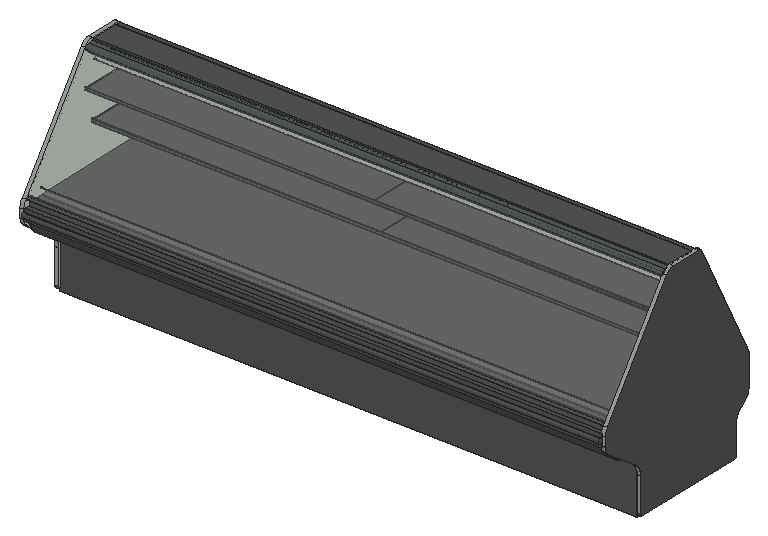
Revit family "ESBDS_2014", category Specialty Equipment, Revit 2014
Parameters (values of type "12'-0" Length")
  Width = 144 1/2"
  Waste Drain = 1 1/2"  # constant formula
  URL = "www.hussmann.com"
  Type Comments = "Elite"  # constant formula
  Trim = Stainless Steel
  Total Weight = Case Weight + (2 * End Weight)  # 1400.00 lbf
  Splashguard = Textured Sheet Metal (Steel Painted) - 701 Black
  Side Panel - Right [instance] = yes
  Side Panel - Left [instance] = yes
  Shelves = Sheet Metal (Steel Painted) - 701 Black
  Shelf Lights [instance] = yes
  Shelf [instance] = yes
  Revit Family Date = "05/26/2016"  # constant formula
  Refrigeration Lines Suction = 7/8"  # constant formula
  Refrigeration Lines Liquid = 3/8"  # constant formula
  Refrig. Suction = "Suction"
  Refrig. Liquid = "Liquid"
  Number of Supports = if(Width < 50", 2, if(Width < 100", 3, 4))  # 4
  Number of Shelf Supports = if(Width < 96", 2, 3)  # 3
  Note from Manufacturer = "This model only comes 4'-0\", 6'-0\", 8'-0\", and 12'-0\" lengths."
  Model URL = "http://www.hussmann.com/en/product%20viewer/display-cases/ESBDS"
  Model = "ESBDS"  # constant formula
  Manufacturer Disclaimer = "The information in this file is not intended to be an exact representation of the corresponding Hussmann product.  Further, we reserve the right to change or revise specifications and product design in connection with any feature of our products. Such changes do not entitle the buyer to corresponding changes, improvements, additions, or replacements for equipment previously sold or shipped."  # constant formula
  Manufacturer = "Hussmann Corporation"  # constant formula
  Location of Drain = if(Width < 144", 24 1/8", 72 1/4")  # 72 1/4"
  Light [instance] = yes
  Height = 52 1/8"  # constant formula
  Glazing = Glass
  Ends = Textured Sheet Metal (Steel Painted) - 701 Black
  End Weight = 100.00 lbf  # constant formula
  Door Frame = Plastic - 701 Black
  Description = "Elite Straight Glass, Blower Coil Service Case Merchandiser"  # constant formula
  Depth = 45 1/4"  # constant formula
  Cutsheet URL = "http://www.hussmann.com/en/Technical%20Documents/0522306_B_ESBDS.pdf"
  Case Weight = if(Width = 48 1/4", 600.00 lbf, if(Width = 72 3/8", 700.00 lbf, if(Width = 96 3/8", 1100.00 lbf, if(Width = 144 1/2", 1200.00 lbf, 0.00 lbf))))  # 1200.00 lbf
  Case Interior - Side Panel = Mirror
  Case Interior - Back Panel = Stainless Steel
  Case = Textured Sheet Metal (Steel Painted) - 701 Black
  Bumper = Extruded PVC - 701 Black
  Assembly Code = ""
  Accessories/Options = ""
  8 Case = Width = 96 3/8"  # no
  6 Case = Width = 72 3/8"  # no
  4 Case = Width = 48 1/4"  # no
  12 Case = Width = 144 1/2"  # yes
Reference planes (in)
  plane 1 "Back": y = 0
  plane 2 "Bottom": z = 0
  plane 3 "Left": x = -77.30699
  plane 4 "Center (Left/Right)": x = -5.05699
  plane 5: x = -78.30699
  plane 6 "Right": x = 67.19301
  plane 7: x = 68.19301
  plane 8: z = 52.125
  plane 9: y = -45.25
Forms (in)
  Extrusion 1, solid, material "Metal - Copper"
    sketch origin (63.0625, 1.04319, 0) x (1, 0, 0) y (0, 1, 0)
      loop
        arc (-68.11949, -26.54319) -> (-68.64982, -26.76286) -> (-68.86949, -27.29319) r 0.75
        arc (-68.86949, -27.29319) -> (-68.64982, -27.82352) -> (-68.11949, -28.04319) r 0.75
        arc (-68.11949, -28.04319) -> (-67.58916, -27.82352) -> (-67.36949, -27.29319) r 0.75
        arc (-67.36949, -27.29319) -> (-67.58916, -26.76286) -> (-68.11949, -26.54319) r 0.75
      loop
        circle (-68.11949, -27.29319) r 0.7102
    from 15.4495 to 14.2
  Extrusion 2, solid, material "Metal - Copper"
    sketch origin (57.40105, 5, -0.375) x (1, 0, 0) y (0, 1, 0)
      loop
        circle (1.10446, -34.375) r 0.41359
      loop
        circle (1.10446, -34.375) r 0.4375
    from 15.8245 to 0.375
  Extrusion 3, solid, material "Metal - Copper"
    sketch origin (59.82608, 5, -0.375) x (1, 0, 0) y (0, 1, 0)
      loop
        circle (-0.69557, -34.375) r 0.17188
      loop
        circle (-0.69557, -34.375) r 0.1875
    from 15.8245 to 0.375
  Extrusion 4, solid, material "Textured Sheet Metal (Steel Painted) - 701 Black" <- "Case"
    sketch origin (-5.05699, 0, 0) x (0, 1, 0) y (0, 0, 1)
      loop
        arc (-43.34613, 20.46649) -> (-40.36116, 16.18673) -> (-35.40912, 14.54243) r 8.279
        line (-35.40912, 14.54243) -> (-35.13012, 14.54243) -> (-35.13012, 15.12049) -> (-32.38472, 15.12049) -> (-32.38472, 13.03449) -> (-32.18041, 13.15244) -> (-31.84269, 12.56748) -> (-31.84269, 15.4495) -> (-5.46069, 15.4495) -> (-5.46069, 12.56949) -> (-2.20656, 12.56949) -> (-0.04964, 14.72641) -> (-0.05876, 19.34519) -> (0, 19.34519) -> (0, 20.00316) -> (-0.062, 20.00316) -> (-0.062, 23.22015) -> (-0.8415, 24.75) -> (-4.0439, 23.11829) -> (-4.89532, 24.78931) -> (-6.68597, 24.78931) -> (-6.68597, 24.83603) -> (-8.25597, 24.52075) -> (-8.25597, 24.23372)
        arc (-8.25597, 24.23372) -> (-8.28976, 24.23063) -> (-8.30513, 24.20038) r 0.03508
        line (-8.30513, 24.20038) -> (-8.29013, 23.77064) -> (-9.25445, 23.73697) -> (-11.10341, 23.6724) -> (-11.10219, 23.63743) -> (-19.78779, 23.33414) -> (-25.71348, 21.52249) -> (-37.44744, 21.52249) -> (-37.44744, 23.4609) -> (-39.4766, 23.4609) -> (-39.4766, 24.2149) -> (-40.75586, 24.2149) -> (-40.75586, 24.26058) -> (-42.60732, 25.32952)
        arc (-42.60732, 25.32952) -> (-42.68944, 25.3331) -> (-42.73947, 25.2679) r 0.089
        line (-42.73947, 25.2679) -> (-43.05817, 23.46049) -> (-44.31609, 23.46049) -> (-44.31609, 20.46649) -> (-43.34613, 20.46649)
      loop
        line (-16.41514, 47.39822) -> (-13.21274, 49.02993) -> (-14.78962, 52.12472) -> (-15.85021, 52.12472) -> (-15.85021, 51.83972) -> (-22.93044, 51.83972) -> (-22.93044, 52.12472) -> (-23.04044, 52.12472) -> (-23.04044, 49.54858) -> (-17.51081, 49.54858) -> (-16.41514, 47.39822)
    from 72.25 to -72.25
  Extrusion 5, solid, material "Sheet Metal (Steel Painted) - 701 Black" <- "Shelves"
    sketch origin (-5.05699, 0, 0) x (0, 1, 0) y (0, 0, 1)
      loop
        line (-8.41457, 23.80143) -> (-8.4213, 24.5734) -> (-39.15613, 24.30518) -> (-39.1494, 23.53321) -> (-8.41457, 23.80143)
    from 72.25 to -72.25
  Extrusion 6, solid, material "Glass" <- "Glazing"
    sketch origin (-5.05699, 0, 0) x (0, 1, 0) y (0, 0, 1)
      loop
        line (-39.4766, 23.4609) -> (-39.2266, 23.4609) -> (-39.2266, 25.8239)
        arc (-39.2266, 25.8239) -> (-39.3516, 25.9489) -> (-39.4766, 25.8239) r 0.125
        line (-39.4766, 25.8239) -> (-39.4766, 23.4609)
    from 72.25 to -72.25
  Extrusion 7, solid, material "Glass" <- "Glazing"
    sketch origin (-5.05699, 0, 0) x (0, 1, 0) y (0, 0, 1)
      loop
        line (-24.56718, 51.06366) -> (-24.75952, 51.20079) -> (-43.48057, 24.94084) -> (-43.28841, 24.80385) -> (-24.56718, 51.06366)
    from 72.25 to -72.25
  Extrusion 8, solid, material "Plastic - 701 Black" <- "Door Frame"
    sketch origin (-5.05699, 0, 0) x (0, 1, 0) y (0, 0, 1)
      loop
        line (-42.92793, 24.66558) -> (-42.80809, 25.34521) -> (-42.87066, 25.38981) -> (-43.28841, 24.80385) -> (-43.48057, 24.94084) -> (-43.0632, 25.5263) -> (-43.11366, 25.56227) -> (-43.53024, 24.97795)
        arc (-43.53024, 24.97795) -> (-43.54114, 24.93068) -> (-43.51542, 24.88954) r 0.06338
        line (-43.51542, 24.88954) -> (-43.31336, 24.74549)
        arc (-43.31336, 24.74549) -> (-43.26859, 24.73517) -> (-43.22962, 24.75953) r 0.06004
        line (-43.22962, 24.75953) -> (-43.21066, 24.78613)
        arc (-43.21066, 24.78613) -> (-43.16785, 24.81289) -> (-43.11865, 24.80155) r 0.06597
        line (-43.11865, 24.80155) -> (-42.92793, 24.66558)
      loop
        line (-24.75952, 51.20079) -> (-24.56718, 51.06366) -> (-25.05791, 50.37532) -> (-24.88164, 50.24951)
        arc (-24.88164, 50.24951) -> (-24.86696, 50.24611) -> (-24.85418, 50.25409) r 0.01969
        line (-24.85418, 50.25409) -> (-24.74903, 50.40142) -> (-24.39718, 49.82687)
        arc (-24.39718, 49.82687) -> (-24.31317, 49.73615) -> (-24.2007, 49.68476) r 0.31496
        line (-24.2007, 49.68476) -> (-23.51668, 49.52387)
        arc (-23.51668, 49.52387) -> (-22.59926, 49.42369) -> (-21.68488, 49.54858) r 3.78388
        line (-21.68488, 49.54858) -> (-23.04044, 49.54858) -> (-23.04044, 50.09559)
        arc (-23.04044, 50.09559) -> (-23.11333, 50.10553) -> (-23.18597, 50.11718) r 3.15396
        line (-23.18597, 50.11718) -> (-23.18597, 51.88199)
        arc (-23.18597, 51.88199) -> (-23.19704, 51.90935) -> (-23.22401, 51.92134) r 0.03937
        arc (-23.22401, 51.92134) -> (-23.8344, 51.87783) -> (-24.4223, 51.70797) r 2.91774
        arc (-24.4223, 51.70797) -> (-25.03088, 51.2776) -> (-25.32866, 50.59428) r 1.38647
        arc (-25.32866, 50.59428) -> (-25.32477, 50.57019) -> (-25.30799, 50.55247) r 0.04142
        line (-25.30799, 50.55247) -> (-25.25081, 50.51166) -> (-24.75952, 51.20079)
    from 72.25 to -72.25
  Extrusion 9, solid, material "Extruded PVC - 701 Black" <- "Bumper"
    sketch origin (-5.05699, 0, 0) x (0, 1, 0) y (0, 0, 1)
      loop
        arc (-44.69659, 22.55399) -> (-45.25009, 22.00049) -> (-44.69659, 21.44699) r 0.5535
        line (-44.69659, 21.44699) -> (-44.31609, 21.44699) -> (-44.31609, 22.55399) -> (-44.69659, 22.55399)
    from 72.25 to -72.25
  Extrusion 10, solid, material "Sheet Metal (Steel Painted) - 701 Black" <- "Shelves"
    sketch origin (-5.05699, 0, 0) x (0, 1, 0) y (0, 0, 1)
      loop
        line (-22.93044, 51.83972) -> (-15.85021, 51.83972) -> (-15.85021, 52.12472) -> (-22.93044, 52.12472) -> (-22.93044, 51.83972)
    from 72.25 to -72.25
  Extrusion 11, solid, material "Textured Sheet Metal (Steel Painted) - 701 Black" <- "Splashguard"
    sketch origin (-5.05699, 0, 0) x (0, 1, 0) y (0, 0, 1)
      loop
        line (-33.24969, 0.071) -> (-33.04469, 0.071) -> (-33.04469, 0) -> (-31.84269, 0) -> (-31.84269, 5) -> (-31.91369, 5) -> (-31.91369, 0.071) -> (-32.51669, 0.071) -> (-32.51669, 0.5) -> (-32.56279, 0.5) -> (-32.56279, 0.1) -> (-32.82069, 0.1) -> (-32.82069, 14.6) -> (-32.56279, 14.6) -> (-32.56279, 14.2) -> (-32.51669, 14.2) -> (-32.51669, 14.629) -> (-33.0154, 14.629) -> (-33.0154, 15.12049) -> (-33.6714, 15.12049) -> (-33.6714, 15.04949) -> (-33.0864, 15.04949) -> (-33.0864, 14.629) -> (-33.24969, 14.629) -> (-33.24969, 0.071)
      loop
        line (-4.00019, 0.071) -> (-4.00019, 11.929) -> (-4.24596, 11.929) -> (-4.24596, 12.47249) -> (-2.37596, 12.47249) -> (-2.37596, 11.89128) -> (-2.73177, 11.89128) -> (-2.73177, 11.84428) -> (-2.23177, 11.84428) -> (-2.23177, 12.56949) -> (-4.34296, 12.56949) -> (-4.34296, 11.929) -> (-4.73319, 11.929) -> (-4.73319, 11.5) -> (-4.68708, 11.5) -> (-4.68708, 11.9) -> (-4.42919, 11.9) -> (-4.42919, 0.1) -> (-4.68708, 0.1) -> (-4.68708, 0.5) -> (-4.73319, 0.5) -> (-4.73319, 0.071) -> (-5.38969, 0.071) -> (-5.38969, 5) -> (-5.46069, 5) -> (-5.46069, 0) -> (-4.25869, 0) -> (-4.25869, 0.071) -> (-4.00019, 0.071)
    from 72.25 to -72.25
  Extrusion 12, solid, material "Stainless Steel"
    sketch origin (-5.05699, 0, 0) x (0, 1, 0) y (0, 0, 1)
      loop
        line (-20.1975, 49.54858) -> (-21.72459, 49.25175) -> (-22.57741, 47.42285)
        arc (-22.57741, 47.42285) -> (-22.55343, 47.34056) -> (-22.46871, 47.3536) r 0.065
        line (-22.46871, 47.3536) -> (-22.26821, 47.59255) -> (-22.29502, 47.61505) -> (-22.48802, 47.38504) -> (-21.76809, 48.92892) -> (-17.76809, 48.92892) -> (-17.33226, 48.07356) -> (-16.87735, 48.30535) -> (-17.51081, 49.54858) -> (-20.1975, 49.54858)
      loop
        circle (-17.15986, 47.40164) r 0.25
    from 72.25 to -72.25
  Extrusion 13, solid, material "Textured Sheet Metal (Steel Painted) - 701 Black" <- "Ends", visible <- "Side Panel - Left"
    sketch origin (-77.30699, 0, 0) x (0, 1, 0) y (0, 0, 1)
      loop
        line (-25.11286, 51.08771) -> (-43.68604, 25.12453)
        arc (-43.68604, 25.12453) -> (-44.15472, 24.19202) -> (-44.31609, 23.1609) r 3.37498
        line (-44.31609, 23.1609) -> (-44.31609, 20.76608)
        arc (-44.31609, 20.76608) -> (-44.05282, 19.67924) -> (-43.32138, 18.83336) r 2.37498
        line (-43.32138, 18.83336) -> (-34.99939, 12.89011)
        arc (-34.99939, 12.89011) -> (-33.81409, 11.49252) -> (-33.38835, 9.71011) r 3.94397
        line (-33.38835, 9.71011) -> (-33.38835, 0.98972)
        arc (-33.38835, 0.98972) -> (-33.24226, 0.6355) -> (-32.88835, 0.4887) r 0.5
        line (-32.88835, 0.4887) -> (-4.14156, 0.4887)
        arc (-4.14156, 0.4887) -> (-3.78801, 0.63514) -> (-3.64157, 0.98869) r 0.5
        line (-3.64157, 0.98869) -> (-3.64157, 8.16699)
        arc (-3.64157, 8.16699) -> (-3.06283, 10.22371) -> (-1.49647, 11.67683) r 3.94397
        arc (-1.49647, 11.67683) -> (-0.18091, 12.89728) -> (0.30516, 14.62468) r 3.31248
        line (0.30516, 14.62468) -> (0.30516, 22.57647)
        arc (0.30516, 22.57647) -> (0.18526, 23.14396) -> (-0.03181, 23.68184) r 3.31211
        line (-0.03181, 23.68184) -> (-14.43122, 51.94185) -> (-14.51241, 52.1012)
        arc (-14.51241, 52.1012) -> (-14.60454, 52.20086) -> (-14.73516, 52.2377) r 0.25
        line (-14.73516, 52.2377) -> (-22.87625, 52.2377)
        arc (-22.87625, 52.2377) -> (-24.13372, 51.93336) -> (-25.11286, 51.08771) r 2.74998
    from 0 to -1
  Extrusion 14, solid, material "Textured Sheet Metal (Steel Painted) - 701 Black" <- "Ends", visible <- "Side Panel - Right"
    sketch origin (67.19301, 0, 0) x (0, 0, 1) y (0, -1, 0)
      loop
        line (0.4887, 32.88835) -> (0.4887, 4.14156)
        arc (0.4887, 4.14156) -> (0.63514, 3.78801) -> (0.98869, 3.64157) r 0.5
        line (0.98869, 3.64157) -> (8.16699, 3.64157)
        arc (8.16699, 3.64157) -> (10.22371, 3.06283) -> (11.67683, 1.49647) r 3.94397
        arc (11.67683, 1.49647) -> (12.89728, 0.18091) -> (14.62468, -0.30516) r 3.31248
        line (14.62468, -0.30516) -> (22.57647, -0.30516)
        arc (22.57647, -0.30516) -> (23.14396, -0.18526) -> (23.68184, 0.03181) r 3.31211
        line (23.68184, 0.03181) -> (51.94185, 14.43122) -> (52.1012, 14.51241)
        arc (52.1012, 14.51241) -> (52.20086, 14.60454) -> (52.2377, 14.73516) r 0.25
        line (52.2377, 14.73516) -> (52.2377, 22.87625)
        arc (52.2377, 22.87625) -> (51.93336, 24.13372) -> (51.08771, 25.11286) r 2.74998
        line (51.08771, 25.11286) -> (25.12453, 43.68604)
        arc (25.12453, 43.68604) -> (24.19202, 44.15472) -> (23.1609, 44.31609) r 3.37498
        line (23.1609, 44.31609) -> (20.76608, 44.31609)
        arc (20.76608, 44.31609) -> (19.67924, 44.05282) -> (18.83336, 43.32138) r 2.37498
        line (18.83336, 43.32138) -> (12.89011, 34.99939)
        arc (12.89011, 34.99939) -> (11.49252, 33.81409) -> (9.71011, 33.38835) r 3.94397
        line (9.71011, 33.38835) -> (0.98972, 33.38835)
        arc (0.98972, 33.38835) -> (0.6355, 33.24226) -> (0.4887, 32.88835) r 0.5
    from 1 to 0
  Extrusion 15, solid, material "Stainless Steel" <- "Case Interior - Back Panel", visible <- "8 Case"
    sketch origin (-5.05699, 0, 0) x (0, 1, 0) y (0, 0, 1)
      loop
        line (-4.0439, 23.11829) -> (-0.8415, 24.75) -> (-13.21274, 49.02993) -> (-16.41514, 47.39822) -> (-4.0439, 23.11829)
    from -48.1875 to -47.59375
  Extrusion 16, solid, material "Stainless Steel" <- "Case Interior - Back Panel", visible <- "6 Case"
    sketch origin (-5.05699, 0, 0) x (0, 1, 0) y (0, 0, 1)
      loop
        line (-4.0439, 23.11829) -> (-0.8415, 24.75) -> (-13.21274, 49.02993) -> (-16.41514, 47.39822) -> (-4.0439, 23.11829)
    from -35.5 to -36.1875
  Extrusion 17, solid, material "Stainless Steel" <- "Case Interior - Back Panel", visible <- "12 Case"
    sketch origin (-5.05699, 0, 0) x (0, 1, 0) y (0, 0, 1)
      loop
        line (-4.0439, 23.11829) -> (-0.8415, 24.75) -> (-13.21274, 49.02993) -> (-16.41514, 47.39822) -> (-4.0439, 23.11829)
    from 0.625 to -0.625
  Extrusion 18, solid, material "Stainless Steel" <- "Case Interior - Back Panel", visible <- "12 Case"
    sketch origin (-5.05699, 0, 0) x (0, 1, 0) y (0, 0, 1)
      loop
        line (-4.0439, 23.11829) -> (-0.8415, 24.75) -> (-13.21274, 49.02993) -> (-16.41514, 47.39822) -> (-4.0439, 23.11829)
    from -71.625 to -72.25
  Extrusion 19, solid, material "Stainless Steel" <- "Case Interior - Back Panel", visible <- "12 Case"
    sketch origin (-5.05699, 0, 0) x (0, 1, 0) y (0, 0, 1)
      loop
        line (-4.0439, 23.11829) -> (-0.8415, 24.75) -> (-13.21274, 49.02993) -> (-16.41514, 47.39822) -> (-4.0439, 23.11829)
    from 72.25 to 71.625
  Extrusion 20, solid, material "Stainless Steel" <- "Case Interior - Back Panel", visible <- "12 Case", not visible
    sketch origin (-5.05699, -39, 0) x (0, 1, 0) y (0, 0, 1)
      loop
        line (-4.0439, 23.11829) -> (-0.8415, 24.75) -> (-13.21274, 49.02993) -> (-16.41514, 47.39822) -> (-4.0439, 23.11829)
    from 0.625 to -0.625
  Extrusion 21, solid, material "Stainless Steel" <- "Case Interior - Back Panel", visible <- "12 Case", not visible
    sketch origin (-5.05699, -39, 0) x (0, 1, 0) y (0, 0, 1)
      loop
        line (-4.0439, 23.11829) -> (-0.8415, 24.75) -> (-13.21274, 49.02993) -> (-16.41514, 47.39822) -> (-4.0439, 23.11829)
    from -71.625 to -72.25
  Extrusion 22, solid, material "Stainless Steel" <- "Case Interior - Back Panel", visible <- "12 Case", not visible
    sketch origin (-5.05699, -39, 0) x (0, 1, 0) y (0, 0, 1)
      loop
        line (-4.0439, 23.11829) -> (-0.8415, 24.75) -> (-13.21274, 49.02993) -> (-16.41514, 47.39822) -> (-4.0439, 23.11829)
    from 72.25 to 71.625
  Extrusion 23, solid, material "Stainless Steel" <- "Case Interior - Back Panel", visible <- "6 Case"
    sketch origin (-5.05699, 0, 0) x (0, 1, 0) y (0, 0, 1)
      loop
        line (-4.0439, 23.11829) -> (-0.8415, 24.75) -> (-13.21274, 49.02993) -> (-16.41514, 47.39822) -> (-4.0439, 23.11829)
    from 36.1875 to 35.5
  Extrusion 24, solid, material "Stainless Steel" <- "Case Interior - Back Panel", visible <- "6 Case", not visible
    sketch origin (-5.05699, 40.54873, 0) x (0, 1, 0) y (0, 0, 1)
      loop
        line (-4.0439, 23.11829) -> (-0.8415, 24.75) -> (-13.21274, 49.02993) -> (-16.41514, 47.39822) -> (-4.0439, 23.11829)
    from -35.5 to -36.1875
  Extrusion 25, solid, material "Stainless Steel" <- "Case Interior - Back Panel", visible <- "6 Case", not visible
    sketch origin (-5.05699, 40.54873, 0) x (0, 1, 0) y (0, 0, 1)
      loop
        line (-4.0439, 23.11829) -> (-0.8415, 24.75) -> (-13.21274, 49.02993) -> (-16.41514, 47.39822) -> (-4.0439, 23.11829)
    from 36.1875 to 35.5
  Extrusion 26, solid, material "Stainless Steel" <- "Case Interior - Back Panel", visible <- "8 Case"
    sketch origin (-5.05699, 0, 0) x (0, 1, 0) y (0, 0, 1)
      loop
        line (-4.0439, 23.11829) -> (-0.8415, 24.75) -> (-13.21274, 49.02993) -> (-16.41514, 47.39822) -> (-4.0439, 23.11829)
    from -0.59375 to 0.59375
  Extrusion 27, solid, material "Stainless Steel" <- "Case Interior - Back Panel", visible <- "8 Case"
    sketch origin (-5.05699, 0, 0) x (0, 1, 0) y (0, 0, 1)
      loop
        line (-4.0439, 23.11829) -> (-0.8415, 24.75) -> (-13.21274, 49.02993) -> (-16.41514, 47.39822) -> (-4.0439, 23.11829)
    from 47.59375 to 48.1875
  Extrusion 28, solid, material "Stainless Steel" <- "Case Interior - Back Panel", visible <- "8 Case", not visible
    sketch origin (-5.05699, -67, 0) x (0, 1, 0) y (0, 0, 1)
      loop
        line (-4.0439, 23.11829) -> (-0.8415, 24.75) -> (-13.21274, 49.02993) -> (-16.41514, 47.39822) -> (-4.0439, 23.11829)
    from -48.1875 to -47.59375
  Extrusion 29, solid, material "Stainless Steel" <- "Case Interior - Back Panel", visible <- "8 Case", not visible
    sketch origin (-5.05699, -67, 0) x (0, 1, 0) y (0, 0, 1)
      loop
        line (-4.0439, 23.11829) -> (-0.8415, 24.75) -> (-13.21274, 49.02993) -> (-16.41514, 47.39822) -> (-4.0439, 23.11829)
    from -0.59375 to 0.59375
  Extrusion 30, solid, material "Stainless Steel" <- "Case Interior - Back Panel", visible <- "8 Case", not visible
    sketch origin (-5.05699, -67, 0) x (0, 1, 0) y (0, 0, 1)
      loop
        line (-4.0439, 23.11829) -> (-0.8415, 24.75) -> (-13.21274, 49.02993) -> (-16.41514, 47.39822) -> (-4.0439, 23.11829)
    from 47.59375 to 48.1875
  Extrusion 31, solid, material "Stainless Steel" <- "Case Interior - Back Panel", visible <- "4 Case"
    sketch origin (-5.05699, 0, 0) x (0, 1, 0) y (0, 0, 1)
      loop
        line (-4.0439, 23.11829) -> (-0.8415, 24.75) -> (-13.21274, 49.02993) -> (-16.41514, 47.39822) -> (-4.0439, 23.11829)
    from -23.5 to -24.125
  Extrusion 32, solid, material "Stainless Steel" <- "Case Interior - Back Panel", visible <- "4 Case"
    sketch origin (-5.05699, 0, 0) x (0, 1, 0) y (0, 0, 1)
      loop
        line (-4.0439, 23.11829) -> (-0.8415, 24.75) -> (-13.21274, 49.02993) -> (-16.41514, 47.39822) -> (-4.0439, 23.11829)
    from 24.125 to 23.5
  Extrusion 33, solid, material "Stainless Steel" <- "Case Interior - Back Panel", visible <- "4 Case", not visible
    sketch origin (-5.05699, 24, 0) x (0, 1, 0) y (0, 0, 1)
      loop
        line (-4.0439, 23.11829) -> (-0.8415, 24.75) -> (-13.21274, 49.02993) -> (-16.41514, 47.39822) -> (-4.0439, 23.11829)
    from -23.5 to -24.125
  Extrusion 34, solid, material "Stainless Steel" <- "Case Interior - Back Panel", visible <- "4 Case", not visible
    sketch origin (-5.05699, 24, 0) x (0, 1, 0) y (0, 0, 1)
      loop
        line (-4.0439, 23.11829) -> (-0.8415, 24.75) -> (-13.21274, 49.02993) -> (-16.41514, 47.39822) -> (-4.0439, 23.11829)
    from 24.125 to 23.5
  Extrusion 35, solid, material "Sheet Metal (Steel Painted) - 701 Black" <- "Shelves", visible <- "Shelf"
    sketch origin (-77.30699, -7.19108, -30.9993) x (0, 1, 0) y (0, 0, 1)
      loop
        line (-16.18534, 64.61155) -> (-15.98654, 64.81035) -> (-16.01907, 64.81035) -> (-16.20161, 64.62782)
        arc (-16.20161, 64.62782) -> (-16.21795, 64.62456) -> (-16.22721, 64.63842) r 0.015
        line (-16.22721, 64.63842) -> (-16.22721, 65.28367)
        arc (-16.22721, 65.28367) -> (-16.16459, 65.35764) -> (-16.0813, 65.30809) r 0.075
        line (-16.0813, 65.30809) -> (-16.05383, 65.2283)
        arc (-16.05383, 65.2283) -> (-16.03997, 65.20973) -> (-16.0179, 65.20267) r 0.038
        line (-16.0179, 65.20267) -> (-4.18143, 65.20267) -> (-4.20443, 65.22567) -> (-16.0286, 65.22567) -> (-16.05956, 65.31558)
        arc (-16.05956, 65.31558) -> (-16.16839, 65.38032) -> (-16.25021, 65.28367) r 0.098
        line (-16.25021, 65.28367) -> (-16.25021, 64.63842)
        arc (-16.25021, 64.63842) -> (-16.22676, 64.60331) -> (-16.18534, 64.61155) r 0.038
      loop
        line (-18.26155, 72.61155) -> (-18.06275, 72.81035) -> (-18.09527, 72.81035) -> (-18.27781, 72.62782)
        arc (-18.27781, 72.62782) -> (-18.29416, 72.62456) -> (-18.30342, 72.63842) r 0.015
        line (-18.30342, 72.63842) -> (-18.30342, 73.28367)
        arc (-18.30342, 73.28367) -> (-18.2408, 73.35764) -> (-18.15751, 73.30809) r 0.075
        line (-18.15751, 73.30809) -> (-18.13003, 73.2283)
        arc (-18.13003, 73.2283) -> (-18.11617, 73.20973) -> (-18.0941, 73.20267) r 0.038
        line (-18.0941, 73.20267) -> (-8.25763, 73.20267) -> (-8.28063, 73.22567) -> (-18.1048, 73.22567) -> (-18.13576, 73.31558)
        arc (-18.13576, 73.31558) -> (-18.24459, 73.38032) -> (-18.32642, 73.28367) r 0.098
        line (-18.32642, 73.28367) -> (-18.32642, 72.63842)
        arc (-18.32642, 72.63842) -> (-18.30296, 72.60331) -> (-18.26155, 72.61155) r 0.038
    from 0 to 144.5
  Extrusion 36, solid, material "Stainless Steel" <- "Case Interior - Back Panel", visible <- "Shelf"
    sketch origin (-77.30699, 0, 0) x (0, 1, 0) y (0, 0, 1)
      loop
        line (-9.21249, 29.96409) -> (-7.87837, 30.64386) -> (-16.29179, 47.15614) -> (-17.62591, 46.47637) -> (-9.21249, 29.96409)
    from 0 to 0.625
  Extrusion 37, solid, material "Stainless Steel" <- "Case Interior - Back Panel", visible <- "Shelf"
    sketch origin (66.56801, 0, 0) x (0, 1, 0) y (0, 0, 1)
      loop
        line (-9.21249, 29.96409) -> (-7.87837, 30.64386) -> (-16.29179, 47.15614) -> (-17.62591, 46.47637) -> (-9.21249, 29.96409)
    from 0 to 0.625
  Extrusion 38, solid, material "Stainless Steel" <- "Case Interior - Back Panel", visible <- "Shelf"
    sketch origin (-5.36949, 0, 0) x (0, 1, 0) y (0, 0, 1)
      loop
        line (-9.21249, 29.96409) -> (-7.87837, 30.64386) -> (-16.29179, 47.15614) -> (-17.62591, 46.47637) -> (-9.21249, 29.96409)
    from 0 to 0.625
Lines and regions (in)
  reference lines
    curve 1: line (-73.68199, -45.25, 0) -> (-73.68199, 0, 0)
    curve 2: line (-5.05699, -45.25, 0) -> (-5.05699, 0, 0)
    curve 3: line (63.56801, -45.25, 0) -> (63.56801, 0, 0)
    curve 4: line (58.94301, -45.25, 0) -> (58.94301, 0, 0)
    curve 5: line (-77.30699, -26.25, 0) -> (67.19301, -26.25, 0)
    curve 6: line (67.19301, -29.375, 0) -> (-77.30699, -29.375, 0)
    curve 7: line (-76.99449, -45.25, 0) -> (-76.99449, 0, 0)
    curve 8: line (66.88051, -45.25, 0) -> (66.88051, 0, 0)
Dimensions and locks (in)
  equal spacing: plane 3 "Left", plane 4 "Center (Left/Right)", plane 6 "Right"
  locked: plane 5 to plane 3 "Left" at 1
  "Width": plane 3 "Left" to plane 6 "Right"
  locked: plane 3 "Left" to curve 1 at 3.625
  locked: curve 3 to plane 6 "Right" at 3.625
  "Location of Drain": curve 2 to plane 6 "Right"
  "Depth": plane 9 to plane 1 "Back"
  locked: curve 4 to plane 6 "Right" at 8.25
  "Height": plane 8 to level
  locked: plane 1 "Back" to curve 5 at 26.25
  locked: plane 1 "Back" to curve 6 at 29.375
  locked: plane 6 "Right" to plane 7 at 1
  locked: Extrusion 1 sketch curve to Extrusion 1 sketch curve at 0.0398
  locked: Extrusion 3 sketch curve to Extrusion 3 sketch curve at 0.01562
  locked: Extrusion 2 sketch curve to Extrusion 2 sketch curve at 0.02391
  locked: nested 1 to plane 1 "Back" at 5.46069
  equal spacing: group 1, group 11, group 12, group 2  (x3)
  Extrusion 4 to Extrusion 4 = 27 1/4"
  locked: curve 8 to plane 6 "Right" at 0.3125
  locked: plane 3 "Left" to curve 7 at 0.3125
  equal spacing: group 13, group 15, group 14  (x3)
  "Waste Drain": diameter of Extrusion 1 sketch curve
  "Refrigeration Lines Liquid": diameter of Extrusion 3 sketch curve
  "Refrigeration Lines Suction": diameter of Extrusion 2 sketch curve
  aligned and locked: plane 3 "Left" to curve 5
  aligned and locked: plane 3 "Left" to curve 6
  aligned and locked: plane 6 "Right" to curve 6
  aligned and locked: plane 6 "Right" to curve 5
  aligned and locked: Extrusion 2 to level
  aligned and locked: Extrusion 3 to level
  aligned and locked: curve 6 to Extrusion 3 sketch curve  (x4)
  aligned and locked: curve 6 to Extrusion 2 sketch curve  (x4)
  aligned and locked: curve 5 to Extrusion 1 sketch curve  (x3)
  aligned and locked: curve 2 to Extrusion 1 sketch curve
  aligned and locked: curve 4 to Extrusion 3 sketch curve
  aligned and locked: curve 4 to Extrusion 2 sketch curve
  aligned and locked: curve 1 to nested 1
  aligned and locked: curve 3 to nested 2
  aligned and locked: nested 1 to nested 2
  aligned and locked: Extrusion 4 to plane 3 "Left"
  aligned and locked: plane 6 "Right" to Extrusion 4
  aligned and locked: Extrusion 5 to plane 3 "Left"
  aligned and locked: plane 6 "Right" to Extrusion 5
  aligned and locked: Extrusion 6 to plane 3 "Left"
  aligned and locked: plane 6 "Right" to Extrusion 6
  aligned and locked: Extrusion 7 to plane 3 "Left"
  aligned and locked: plane 6 "Right" to Extrusion 7
  aligned and locked: Extrusion 8 to plane 3 "Left"
  aligned and locked: plane 6 "Right" to Extrusion 8
  aligned and locked: Extrusion 9 to plane 3 "Left"
  aligned and locked: plane 6 "Right" to Extrusion 9
  aligned and locked: Extrusion 10 to plane 3 "Left"
  aligned and locked: plane 6 "Right" to Extrusion 10
  aligned and locked: Extrusion 11 to plane 3 "Left"
  aligned and locked: plane 6 "Right" to Extrusion 11
  aligned and locked: Extrusion 12 to plane 3 "Left"
  aligned and locked: plane 6 "Right" to Extrusion 12
  aligned and locked: plane 3 "Left" to nested 3
  aligned and locked: plane 5 to Extrusion 13
  aligned and locked: plane 3 "Left" to Extrusion 13
  aligned and locked: plane 7 to Extrusion 14
  aligned and locked: Extrusion 14 to plane 6 "Right"
  aligned and locked: curve 7 to nested 20
  aligned and locked: curve 8 to nested 22
  aligned and locked: Extrusion 35 to plane 3 "Left"
  aligned and locked: plane 6 "Right" to Extrusion 35
  aligned and locked: plane 3 "Left" to nested 25
  aligned and locked: plane 3 "Left" to nested 26
Automatic sketch dimensions
  Extrusion 15 sketch curve to Extrusion 15 sketch curve = 3.2024"
  Extrusion 15 sketch curve to Extrusion 15 sketch curve = 1.63171"
  Extrusion 16 sketch curve to Extrusion 16 sketch curve = 3.2024"
  Extrusion 17 sketch curve to Extrusion 17 sketch curve = 3.2024"
  Extrusion 18 sketch curve to Extrusion 18 sketch curve = 3.2024"
  Extrusion 19 sketch curve to Extrusion 19 sketch curve = 3.2024"
  Extrusion 17 sketch curve to Extrusion 17 sketch curve = 12.37124"
  Extrusion 17 sketch curve to Extrusion 17 sketch curve = 1.63171"
  Extrusion 18 sketch curve to Extrusion 18 sketch curve = 12.37124"
  Extrusion 18 sketch curve to Extrusion 18 sketch curve = 1.63171"
  Extrusion 19 sketch curve to Extrusion 19 sketch curve = 12.37124"
  Extrusion 19 sketch curve to Extrusion 19 sketch curve = 1.63171"
  Extrusion 20 sketch curve to Extrusion 20 sketch curve = 3.2024"
  Extrusion 21 sketch curve to Extrusion 21 sketch curve = 3.2024"
  Extrusion 22 sketch curve to Extrusion 22 sketch curve = 3.2024"
  Extrusion 20 sketch curve to Extrusion 20 sketch curve = 12.37124"
  Extrusion 20 sketch curve to Extrusion 20 sketch curve = 1.63171"
  Extrusion 21 sketch curve to Extrusion 21 sketch curve = 12.37124"
  Extrusion 21 sketch curve to Extrusion 21 sketch curve = 1.63171"
  Extrusion 22 sketch curve to Extrusion 22 sketch curve = 12.37124"
  Extrusion 22 sketch curve to Extrusion 22 sketch curve = 1.63171"
  Extrusion 23 sketch curve to Extrusion 23 sketch curve = 3.2024"
  Extrusion 16 sketch curve to Extrusion 16 sketch curve = 12.37124"
  Extrusion 16 sketch curve to Extrusion 16 sketch curve = 1.63171"
  Extrusion 23 sketch curve to Extrusion 23 sketch curve = 12.37124"
  Extrusion 23 sketch curve to Extrusion 23 sketch curve = 1.63171"
  Extrusion 24 sketch curve to Extrusion 24 sketch curve = 3.2024"
  Extrusion 25 sketch curve to Extrusion 25 sketch curve = 3.2024"
  Extrusion 24 sketch curve to Extrusion 24 sketch curve = 12.37124"
  Extrusion 24 sketch curve to Extrusion 24 sketch curve = 1.63171"
  Extrusion 25 sketch curve to Extrusion 25 sketch curve = 12.37124"
  Extrusion 25 sketch curve to Extrusion 25 sketch curve = 1.63171"
  Extrusion 26 sketch curve to Extrusion 26 sketch curve = 3.2024"
  Extrusion 26 sketch curve to Extrusion 26 sketch curve = 1.63171"
  Extrusion 27 sketch curve to Extrusion 27 sketch curve = 3.2024"
  Extrusion 27 sketch curve to Extrusion 27 sketch curve = 1.63171"
  Extrusion 15 sketch curve to Extrusion 15 sketch curve = 12.37124"
  Extrusion 26 sketch curve to Extrusion 26 sketch curve = 12.37124"
  Extrusion 27 sketch curve to Extrusion 27 sketch curve = 12.37124"
  Extrusion 28 sketch curve to Extrusion 28 sketch curve = 3.2024"
  Extrusion 28 sketch curve to Extrusion 28 sketch curve = 1.63171"
  Extrusion 29 sketch curve to Extrusion 29 sketch curve = 3.2024"
  Extrusion 29 sketch curve to Extrusion 29 sketch curve = 1.63171"
  Extrusion 30 sketch curve to Extrusion 30 sketch curve = 3.2024"
  Extrusion 30 sketch curve to Extrusion 30 sketch curve = 1.63171"
  Extrusion 28 sketch curve to Extrusion 28 sketch curve = 12.37124"
  Extrusion 29 sketch curve to Extrusion 29 sketch curve = 12.37124"
  Extrusion 30 sketch curve to Extrusion 30 sketch curve = 12.37124"
  Extrusion 10 sketch curve to Extrusion 10 sketch curve = 7.08023"
  Extrusion 10 sketch curve to Extrusion 10 sketch curve = 0.285"
  Extrusion 31 sketch curve to Extrusion 31 sketch curve = 3.2024"
  Extrusion 31 sketch curve to Extrusion 31 sketch curve = 1.63171"
  Extrusion 32 sketch curve to Extrusion 32 sketch curve = 3.2024"
  Extrusion 32 sketch curve to Extrusion 32 sketch curve = 1.63171"
  Extrusion 31 sketch curve to Extrusion 31 sketch curve = 12.37124"
  Extrusion 32 sketch curve to Extrusion 32 sketch curve = 12.37124"
  Extrusion 33 sketch curve to Extrusion 33 sketch curve = 3.2024"
  Extrusion 33 sketch curve to Extrusion 33 sketch curve = 1.63171"
  Extrusion 34 sketch curve to Extrusion 34 sketch curve = 3.2024"
  Extrusion 34 sketch curve to Extrusion 34 sketch curve = 1.63171"
  Extrusion 33 sketch curve to Extrusion 33 sketch curve = 12.37124"
  Extrusion 34 sketch curve to Extrusion 34 sketch curve = 12.37124"
  plane 1 "Back" to Extrusion 12 sketch curve = 22.57741"
  Extrusion 12 sketch curve to Extrusion 12 sketch curve = 0.05891"
  Extrusion 12 sketch curve to Extrusion 12 sketch curve = 0.03049"
  Extrusion 12 sketch curve to Extrusion 12 sketch curve = 0.01931"
  Extrusion 12 sketch curve to Extrusion 12 sketch curve = 0.19299"
  Extrusion 12 sketch curve to Extrusion 12 sketch curve = 0.52693"
  Extrusion 12 sketch curve to Extrusion 12 sketch curve = 0.04351"
  Extrusion 12 sketch curve to Extrusion 12 sketch curve = 3.95649"
  Extrusion 12 sketch curve to Extrusion 12 sketch curve = 0.43583"
  Extrusion 12 sketch curve to Extrusion 12 sketch curve = 1.52709"
  Extrusion 12 sketch curve to Extrusion 12 sketch curve = 0.25729"
  Extrusion 12 sketch curve to Extrusion 12 sketch curve = 0.23179"
  Extrusion 12 sketch curve to Extrusion 12 sketch curve = 0.02681"
  Extrusion 12 sketch curve to Extrusion 12 sketch curve = 0.17241"
  Extrusion 12 sketch curve to Extrusion 12 sketch curve = 0.45492"
  Extrusion 12 sketch curve to Extrusion 12 sketch curve = 0.16969"
  Extrusion 12 sketch curve to Extrusion 12 sketch curve = 0.67192"
  Extrusion 12 sketch curve to Extrusion 12 sketch curve = 0.02747"
  Extrusion 12 sketch curve to Extrusion 12 sketch curve = 0.32283"
  Extrusion 12 sketch curve to Extrusion 12 sketch curve = 0.19091"
  plane 1 "Back" to Extrusion 10 sketch curve = 22.93044"
  plane 8 to Extrusion 10 sketch curve = 0.28528"
  plane 8 to Extrusion 12 sketch curve = 4.7714"
  Extrusion 35 sketch curve to Extrusion 35 sketch curve = 0"  (x8)
  plane 9 to Extrusion 35 sketch curve = 19.7325"
  Extrusion 35 sketch curve to Extrusion 35 sketch curve = 0.023"  (x4)
  Extrusion 35 sketch curve to Extrusion 35 sketch curve = 0.015"  (x4)
  plane 8 to Extrusion 35 sketch curve = 10.49649"
  Extrusion 35 sketch curve to Extrusion 35 sketch curve = 0.01061"  (x2)
  plane 8 to Extrusion 35 sketch curve = 10.51275"
  Extrusion 35 sketch curve to Extrusion 35 sketch curve = 0.075"  (x2)
  plane 8 to Extrusion 35 sketch curve = 9.81622"
  Extrusion 35 sketch curve to Extrusion 35 sketch curve = 0.07091"  (x2)
  plane 8 to Extrusion 35 sketch curve = 9.80873"
  plane 8 to Extrusion 35 sketch curve = 9.896"
  Extrusion 35 sketch curve to Extrusion 35 sketch curve = 0.02747"  (x2)
  Extrusion 35 sketch curve to Extrusion 35 sketch curve = 0.02523"  (x2)
  Extrusion 35 sketch curve to Extrusion 35 sketch curve = 0.18254"  (x3)
  Extrusion 35 sketch curve to Extrusion 35 sketch curve = 0.0107"  (x2)
  Extrusion 35 sketch curve to Extrusion 35 sketch curve = 0.03253"  (x2)
  Extrusion 35 sketch curve to Extrusion 35 sketch curve = 2.01133"
  Extrusion 35 sketch curve to Extrusion 35 sketch curve = 0.01626"
  plane 8 to Extrusion 35 sketch curve = 17.81622"
  plane 8 to Extrusion 35 sketch curve = 17.80873"
  Extrusion 35 sketch curve to Extrusion 35 sketch curve = 9.78212"
  Extrusion 35 sketch curve to Extrusion 35 sketch curve = 4.0532"
  Extrusion 35 sketch curve to Extrusion 35 sketch curve = 0.0749"
  Extrusion 35 sketch curve to Extrusion 35 sketch curve = 0.01237"
  Extrusion 35 sketch curve to Extrusion 35 sketch curve = 0.39232"
  Extrusion 35 sketch curve to Extrusion 35 sketch curve = 0.17193"
  Extrusion 35 sketch curve to Extrusion 35 sketch curve = 7.977"
  plane 9 to Extrusion 7 sketch curve = 1.76943"
  Extrusion 7 sketch curve to Extrusion 7 sketch curve = 0.19217"
  plane 8 to Extrusion 7 sketch curve = 0.92421"
  plane 9 to Extrusion 7 sketch curve = 20.49048"
  plane 8 to Extrusion 7 sketch curve = 1.06134"
  Extrusion 7 sketch curve to Extrusion 7 sketch curve = 0.19235"
  Extrusion 4 sketch curve to plane 1 "Back" = 0"
  plane 1 "Back" to Extrusion 4 sketch curve = 0.04964"
  Extrusion 4 sketch curve to Extrusion 4 sketch curve = 0.05876"
  plane 1 "Back" to Extrusion 4 sketch curve = 0.062"
  plane 1 "Back" to Extrusion 4 sketch curve = 0.8415"
  plane 1 "Back" to Extrusion 4 sketch curve = 2.20656"
  Extrusion 4 sketch curve to Extrusion 4 sketch curve = 3.2024"
  Extrusion 4 sketch curve to Extrusion 4 sketch curve = 0.85142"
  Extrusion 4 sketch curve to Extrusion 4 sketch curve = 3.25412"
  Extrusion 4 sketch curve to Extrusion 4 sketch curve = 1.79064"
  Extrusion 4 sketch curve to Extrusion 4 sketch curve = 1.57"
  Extrusion 4 sketch curve to Extrusion 4 sketch curve = 0.01411"
  Extrusion 4 sketch curve to Extrusion 4 sketch curve = 0.02005"
  Extrusion 4 sketch curve to Extrusion 4 sketch curve = 0.03506"
  Extrusion 4 sketch curve to Extrusion 4 sketch curve = 0.96432"
  Extrusion 4 sketch curve to Extrusion 4 sketch curve = 1.84775"
  Extrusion 4 sketch curve to Extrusion 4 sketch curve = 0.00122"
  plane 8 to Extrusion 4 sketch curve = 3.09507"
  plane 1 "Back" to Extrusion 4 sketch curve = 13.21274"
  plane 8 to Extrusion 4 sketch curve = 0.00028"  (x2)
  Extrusion 4 sketch curve to Extrusion 4 sketch curve = 1.57688"
  plane 8 to Extrusion 4 sketch curve = 0.28528"
  Extrusion 4 sketch curve to Extrusion 4 sketch curve = 1.0606"
  plane 8 to Extrusion 4 sketch curve = 4.72678"
  Extrusion 4 sketch curve to Extrusion 4 sketch curve = 1.09566"
  Extrusion 4 sketch curve to Extrusion 4 sketch curve = 8.6856"
  Extrusion 4 sketch curve to Extrusion 4 sketch curve = 5.41964"
  Extrusion 4 sketch curve to Extrusion 4 sketch curve = 0.11"
  Extrusion 4 sketch curve to Extrusion 4 sketch curve = 5.9257"
  Extrusion 4 sketch curve to Extrusion 4 sketch curve = 6.1292"
  Extrusion 4 sketch curve to Extrusion 4 sketch curve = 0.33773"
  Extrusion 4 sketch curve to Extrusion 4 sketch curve = 0.54203"
  Extrusion 4 sketch curve to Extrusion 4 sketch curve = 2.7454"
  Extrusion 4 sketch curve to Extrusion 4 sketch curve = 0.279"
  Extrusion 4 sketch curve to Extrusion 4 sketch curve = 2.03832"
  Extrusion 4 sketch curve to Extrusion 4 sketch curve = 2.02916"
  Extrusion 4 sketch curve to Extrusion 4 sketch curve = 1.27926"
  Extrusion 4 sketch curve to Extrusion 4 sketch curve = 1.85146"
  Extrusion 4 sketch curve to Extrusion 4 sketch curve = 0.0445"
  Extrusion 4 sketch curve to Extrusion 4 sketch curve = 0.08765"
  Extrusion 4 sketch curve to Extrusion 4 sketch curve = 0.31869"
  plane 9 to Extrusion 4 sketch curve = 1.90387"
  plane 9 to Extrusion 4 sketch curve = 0.93391"
  level to Extrusion 4 sketch curve = 25.32952"
  Extrusion 4 sketch curve to Extrusion 4 sketch curve = 0.06162"
  Extrusion 4 sketch curve to Extrusion 4 sketch curve = 22.56219"
  Extrusion 4 sketch curve to Extrusion 4 sketch curve = 0.04673"
  Extrusion 4 sketch curve to Extrusion 4 sketch curve = 0.03931"
  Extrusion 4 sketch curve to Extrusion 4 sketch curve = 0.26856"
  Extrusion 4 sketch curve to Extrusion 4 sketch curve = 1.06894"
  Extrusion 4 sketch curve to Extrusion 4 sketch curve = 0.28703"
  Extrusion 4 sketch curve to Extrusion 4 sketch curve = 0.04568"
  Extrusion 4 sketch curve to Extrusion 4 sketch curve = 0.03212"
  Extrusion 4 sketch curve to Extrusion 4 sketch curve = 0.42974"
  Extrusion 4 sketch curve to Extrusion 4 sketch curve = 0.06456"
  Extrusion 4 sketch curve to Extrusion 4 sketch curve = 0.754"
  Extrusion 4 sketch curve to Extrusion 4 sketch curve = 1.80741"
  Extrusion 4 sketch curve to Extrusion 4 sketch curve = 0.63947"
  Extrusion 4 sketch curve to Extrusion 4 sketch curve = 1.81165"
  Extrusion 4 sketch curve to Extrusion 4 sketch curve = 2.994"
  Extrusion 4 sketch curve to Extrusion 4 sketch curve = 3.21699"
  Extrusion 4 sketch curve to Extrusion 4 sketch curve = 0.65798"
  Extrusion 4 sketch curve to Extrusion 4 sketch curve = 0.90707"
  Extrusion 4 sketch curve to Extrusion 4 sketch curve = 0.32901"
  Extrusion 4 sketch curve to Extrusion 4 sketch curve = 4.61877"
  Extrusion 4 sketch curve to Extrusion 4 sketch curve = 1.96804"
  Extrusion 4 sketch curve to Extrusion 4 sketch curve = 0.11796"
  Extrusion 4 sketch curve to Extrusion 4 sketch curve = 2.15693"
  plane 9 to Extrusion 5 sketch curve = 6.09387"
  Extrusion 5 sketch curve to Extrusion 5 sketch curve = 0.00674"
  plane 1 "Back" to Extrusion 5 sketch curve = 8.4213"
  level to Extrusion 5 sketch curve = 23.53321"
  level to Extrusion 5 sketch curve = 23.80143"
  plane 9 to Extrusion 6 sketch curve = 5.7734"
  Extrusion 6 sketch curve to Extrusion 6 sketch curve = 1/8"
  level to Extrusion 6 sketch curve = 23.4609"
  Extrusion 6 sketch curve to Extrusion 6 sketch curve = 2.363"
  plane 9 to Extrusion 8 sketch curve = 1.71976"
  Extrusion 8 sketch curve to Extrusion 8 sketch curve = 0.01482"
  Extrusion 8 sketch curve to Extrusion 8 sketch curve = 0.04966"
  Extrusion 8 sketch curve to Extrusion 8 sketch curve = 0.00195"
  Extrusion 8 sketch curve to Extrusion 8 sketch curve = 0.20205"
  Extrusion 8 sketch curve to Extrusion 8 sketch curve = 0.02496"
  Extrusion 8 sketch curve to Extrusion 8 sketch curve = 0.0099"
  Extrusion 8 sketch curve to Extrusion 8 sketch curve = 0.04889"
  Extrusion 8 sketch curve to Extrusion 8 sketch curve = 0.01896"
  Extrusion 8 sketch curve to Extrusion 8 sketch curve = 0.05372"
  Extrusion 8 sketch curve to Extrusion 8 sketch curve = 0.03829"
  Extrusion 8 sketch curve to Extrusion 8 sketch curve = 0.41657"
  Extrusion 8 sketch curve to Extrusion 8 sketch curve = 0.05046"
  Extrusion 8 sketch curve to Extrusion 8 sketch curve = 0.19072"
  Extrusion 8 sketch curve to Extrusion 8 sketch curve = 0.19254"
  Extrusion 8 sketch curve to Extrusion 8 sketch curve = 0.06257"
  plane 8 to Extrusion 8 sketch curve = 1.57253"
  plane 9 to Extrusion 8 sketch curve = 19.94201"
  Extrusion 8 sketch curve to Extrusion 8 sketch curve = 0.02036"
  plane 8 to Extrusion 8 sketch curve = 1.61334"
  Extrusion 8 sketch curve to Extrusion 8 sketch curve = 0.05718"
  plane 8 to Extrusion 8 sketch curve = 1.74968"
  Extrusion 8 sketch curve to Extrusion 8 sketch curve = 0.1929"
  plane 8 to Extrusion 8 sketch curve = 1.87549"
  Extrusion 8 sketch curve to Extrusion 8 sketch curve = 0.17627"
  Extrusion 8 sketch curve to Extrusion 8 sketch curve = 0.01144"
  plane 8 to Extrusion 8 sketch curve = 1.87091"
  Extrusion 8 sketch curve to Extrusion 8 sketch curve = 0.01602"
  plane 8 to Extrusion 8 sketch curve = 0.92421"
  Extrusion 8 sketch curve to Extrusion 8 sketch curve = 0.52811"
  plane 8 to Extrusion 8 sketch curve = 1.72358"
  Extrusion 8 sketch curve to Extrusion 8 sketch curve = 0.10516"
  plane 8 to Extrusion 8 sketch curve = 1.06134"
  plane 8 to Extrusion 8 sketch curve = 2.29813"
  Extrusion 8 sketch curve to Extrusion 8 sketch curve = 0.457"
  plane 8 to Extrusion 8 sketch curve = 2.44024"
  Extrusion 8 sketch curve to Extrusion 8 sketch curve = 0.19648"
  Extrusion 8 sketch curve to Extrusion 8 sketch curve = 0.07212"
  Extrusion 8 sketch curve to Extrusion 8 sketch curve = 0.17306"
  plane 8 to Extrusion 8 sketch curve = 2.60113"
  Extrusion 8 sketch curve to Extrusion 8 sketch curve = 0.68401"
  Extrusion 8 sketch curve to Extrusion 8 sketch curve = 0.19377"
  plane 8 to Extrusion 8 sketch curve = 0.24301"
  Extrusion 8 sketch curve to Extrusion 8 sketch curve = 1.34183"
  Extrusion 8 sketch curve to Extrusion 8 sketch curve = 0.03937"
  Extrusion 8 sketch curve to Extrusion 8 sketch curve = 0.47624"
  Extrusion 8 sketch curve to Extrusion 8 sketch curve = 0.53545"
  Extrusion 8 sketch curve to Extrusion 8 sketch curve = 0.00022"
  Extrusion 8 sketch curve to Extrusion 8 sketch curve = 1.35557"
  Extrusion 8 sketch curve to Extrusion 8 sketch curve = 0.5186"
  level to Extrusion 8 sketch curve = 25.56227"
  Extrusion 8 sketch curve to Extrusion 8 sketch curve = 0.03598"
  Extrusion 8 sketch curve to Extrusion 8 sketch curve = 0.13648"
  Extrusion 8 sketch curve to Extrusion 8 sketch curve = 0.04461"
  Extrusion 8 sketch curve to Extrusion 8 sketch curve = 0.00031"
  Extrusion 8 sketch curve to Extrusion 8 sketch curve = 0.0023"
  Extrusion 8 sketch curve to Extrusion 8 sketch curve = 0.00946"
  Extrusion 8 sketch curve to Extrusion 8 sketch curve = 0.00825"
  Extrusion 8 sketch curve to Extrusion 8 sketch curve = 0.0266"
  Extrusion 8 sketch curve to Extrusion 8 sketch curve = 0.13597"
  Extrusion 8 sketch curve to Extrusion 8 sketch curve = 0.02471"
  Extrusion 8 sketch curve to Extrusion 8 sketch curve = 0.54701"
  Extrusion 8 sketch curve to Extrusion 8 sketch curve = 0.02159"
  Extrusion 8 sketch curve to Extrusion 8 sketch curve = 0.41108"
  Extrusion 8 sketch curve to Extrusion 8 sketch curve = 0.03608"
  Extrusion 8 sketch curve to Extrusion 8 sketch curve = 0"
  plane 8 to Extrusion 8 sketch curve = 0.41703"
  plane 9 to Extrusion 9 sketch curve = 0.55341"
  Extrusion 9 sketch curve to Extrusion 9 sketch curve = 0.3805"
  level to Extrusion 9 sketch curve = 21.44699"
  Extrusion 9 sketch curve to Extrusion 9 sketch curve = 0.5535"
  Extrusion 11 sketch curve to level = 0"  (x2)
  plane 9 to Extrusion 11 sketch curve = 11.5786"
  level to Extrusion 11 sketch curve = 0.071"  (x4)
  plane 9 to Extrusion 11 sketch curve = 12.00031"
  Extrusion 11 sketch curve to Extrusion 11 sketch curve = 0.16328"
  Extrusion 11 sketch curve to Extrusion 11 sketch curve = 0.205"
  Extrusion 11 sketch curve to Extrusion 11 sketch curve = 0.071"  (x4)
  Extrusion 11 sketch curve to Extrusion 11 sketch curve = 0.19472"
  Extrusion 11 sketch curve to Extrusion 11 sketch curve = 0.2579"  (x3)
  Extrusion 11 sketch curve to Extrusion 11 sketch curve = 0.0461"  (x4)
  Extrusion 11 sketch curve to Extrusion 11 sketch curve = 0.603"
  plane 1 "Back" to Extrusion 11 sketch curve = 5.46069"
  Extrusion 11 sketch curve to Extrusion 11 sketch curve = 0.6565"
  plane 1 "Back" to Extrusion 11 sketch curve = 4.73319"
  Extrusion 11 sketch curve to Extrusion 11 sketch curve = 0.08622"
  Extrusion 11 sketch curve to Extrusion 11 sketch curve = 0.1705"
  Extrusion 11 sketch curve to Extrusion 11 sketch curve = 0.097"  (x2)
  Extrusion 11 sketch curve to Extrusion 11 sketch curve = 0.24578"
  Extrusion 11 sketch curve to Extrusion 11 sketch curve = 1.26842"
  Extrusion 11 sketch curve to Extrusion 11 sketch curve = 0.35581"
  Extrusion 11 sketch curve to Extrusion 11 sketch curve = 0.14419"
  Extrusion 11 sketch curve to Extrusion 11 sketch curve = 0.029"  (x3)
  level to Extrusion 11 sketch curve = 0.1"
  Extrusion 11 sketch curve to Extrusion 11 sketch curve = 0.4"  (x4)
  Extrusion 11 sketch curve to Extrusion 11 sketch curve = 4 1/2"  (x2)
  Extrusion 11 sketch curve to Extrusion 11 sketch curve = 6 1/2"
  Extrusion 11 sketch curve to Extrusion 11 sketch curve = 0.34428"
  Extrusion 11 sketch curve to Extrusion 11 sketch curve = 0.047"
  Extrusion 11 sketch curve to Extrusion 11 sketch curve = 0"  (x2)
  Extrusion 11 sketch curve to Extrusion 11 sketch curve = 0.54349"
  Extrusion 11 sketch curve to Extrusion 11 sketch curve = 9.2"
  Extrusion 11 sketch curve to Extrusion 11 sketch curve = 0.42049"
  plane 9 to Extrusion 13 sketch curve = 0.93391"
  plane 9 to Extrusion 13 sketch curve = 1.56396"
  plane 9 to Extrusion 13 sketch curve = 1.92862"
  Extrusion 13 sketch curve to Extrusion 13 sketch curve = 2 3/8"
  Extrusion 13 sketch curve to Extrusion 13 sketch curve = 1"
  plane 9 to Extrusion 13 sketch curve = 7.91768"
  Extrusion 13 sketch curve to Extrusion 13 sketch curve = 2.33293"
  Extrusion 13 sketch curve to Extrusion 13 sketch curve = 1.61105"
  Extrusion 13 sketch curve to Extrusion 13 sketch curve = 1/2"  (x3)
  plane 8 to Extrusion 13 sketch curve = 1.03729"
  plane 9 to Extrusion 13 sketch curve = 20.13714"
  Extrusion 13 sketch curve to plane 8 = 0.1127"
  Extrusion 13 sketch curve to Extrusion 13 sketch curve = 2.23661"
  Extrusion 13 sketch curve to Extrusion 13 sketch curve = 8.14109"
  plane 8 to Extrusion 13 sketch curve = 0.0238"
  Extrusion 13 sketch curve to Extrusion 13 sketch curve = 0.22275"
  plane 8 to Extrusion 13 sketch curve = 0.18315"
  Extrusion 13 sketch curve to Extrusion 13 sketch curve = 0.08119"
  level to Extrusion 13 sketch curve = 0.4887"
  plane 1 "Back" to Extrusion 13 sketch curve = 4.14156"
  plane 1 "Back" to Extrusion 13 sketch curve = 3.00732"
  plane 1 "Back" to Extrusion 13 sketch curve = 2.98291"
  plane 1 "Back" to Extrusion 13 sketch curve = 0.03181"
  Extrusion 13 sketch curve to plane 1 "Back" = 0.30241"
  Extrusion 13 sketch curve to plane 1 "Back" = 0.30516"
  level to Extrusion 13 sketch curve = 8.16699"
  Extrusion 13 sketch curve to Extrusion 13 sketch curve = 8.7204"
  Extrusion 13 sketch curve to Extrusion 13 sketch curve = 6.4577"
  Extrusion 13 sketch curve to Extrusion 13 sketch curve = 5.94325"
  Extrusion 13 sketch curve to Extrusion 13 sketch curve = 7.55347"
  Extrusion 13 sketch curve to Extrusion 13 sketch curve = 0.39832"
  Extrusion 13 sketch curve to Extrusion 13 sketch curve = 2.39482"
  level to Extrusion 14 sketch curve = 0.4887"
  Extrusion 14 sketch curve to Extrusion 14 sketch curve = 1/2"  (x2)
  Extrusion 14 sketch curve to Extrusion 14 sketch curve = 0.00102"
  plane 1 "Back" to Extrusion 14 sketch curve = 3.64157"
  Extrusion 14 sketch curve to Extrusion 14 sketch curve = 7.17829"
  Extrusion 14 sketch curve to Extrusion 14 sketch curve = 8.7204"
  Extrusion 14 sketch curve to Extrusion 14 sketch curve = 3.18"
  plane 1 "Back" to Extrusion 14 sketch curve = 3.00732"
  Extrusion 14 sketch curve to Extrusion 14 sketch curve = 6.4577"
  plane 9 to Extrusion 14 sketch curve = 1.92862"
  Extrusion 14 sketch curve to Extrusion 14 sketch curve = 5.94325"
  Extrusion 14 sketch curve to Extrusion 14 sketch curve = 1.93272"
  plane 1 "Back" to Extrusion 14 sketch curve = 2.98291"
  Extrusion 14 sketch curve to Extrusion 14 sketch curve = 7.55347"
  Extrusion 14 sketch curve to plane 1 "Back" = 0.30516"
  Extrusion 14 sketch curve to Extrusion 14 sketch curve = 0.39832"
  Extrusion 14 sketch curve to Extrusion 14 sketch curve = 2.39482"
  plane 1 "Back" to Extrusion 14 sketch curve = 0.03181"
  plane 9 to Extrusion 14 sketch curve = 1.56396"
  Extrusion 14 sketch curve to Extrusion 14 sketch curve = 1.96363"
  plane 8 to Extrusion 14 sketch curve = 2.63728"
  plane 8 to Extrusion 14 sketch curve = 1.03729"
  plane 8 to Extrusion 14 sketch curve = 0.18315"
  plane 8 to Extrusion 14 sketch curve = 0.1373"
  plane 8 to Extrusion 14 sketch curve = 0.0238"
  Extrusion 14 sketch curve to plane 8 = 0.1127"
  Extrusion 14 sketch curve to plane 1 "Back" = 0.30241"
  plane 1 "Back" to Extrusion 14 sketch curve = 14.43122"
  Extrusion 14 sketch curve to Extrusion 14 sketch curve = 0.08119"
  Extrusion 14 sketch curve to Extrusion 14 sketch curve = 8.14109"
  plane 9 to Extrusion 14 sketch curve = 12.36165"
  Extrusion 14 sketch curve to Extrusion 14 sketch curve = 1.61105"
  Extrusion 14 sketch curve to Extrusion 14 sketch curve = 2.33293"
  Extrusion 14 sketch curve to Extrusion 14 sketch curve = 2.74493"
  Extrusion 14 sketch curve to Extrusion 14 sketch curve = 0"
  Extrusion 36 sketch curve to Extrusion 36 sketch curve = 1.33412"
  Extrusion 36 sketch curve to Extrusion 36 sketch curve = 8.41343"
  Extrusion 36 sketch curve to Extrusion 36 sketch curve = 0.67977"
  Extrusion 37 sketch curve to Extrusion 37 sketch curve = 1.33412"
  Extrusion 37 sketch curve to Extrusion 37 sketch curve = 8.41343"
  Extrusion 37 sketch curve to Extrusion 37 sketch curve = 0.67977"
  Extrusion 38 sketch curve to Extrusion 38 sketch curve = 1.33412"
  Extrusion 38 sketch curve to Extrusion 38 sketch curve = 8.41343"
  Extrusion 38 sketch curve to Extrusion 38 sketch curve = 0.67977"
  Extrusion 1 sketch curve to Extrusion 1 sketch curve = 0"  (x2)
  Extrusion 2 sketch curve to Extrusion 2 sketch curve = 0"
  Extrusion 3 sketch curve to Extrusion 3 sketch curve = 0"
  curve 8 to plane 9 = 0"
  curve 2 to plane 9 = 0"
  curve 7 to plane 9 = 0"
  curve 3 to plane 9 = 0"
  curve 4 to plane 9 = 0"
  curve 1 to plane 9 = 0"
  plane 1 "Back" to curve 3 = 0"
  plane 1 "Back" to curve 2 = 0"
  plane 1 "Back" to curve 7 = 0"
  plane 1 "Back" to curve 1 = 0"
  plane 1 "Back" to curve 8 = 0"
  plane 1 "Back" to curve 4 = 0"
  radius of Extrusion 12 sketch curve = 1/4"
Nested families (in)
  nested 1: "Floor Support - E Series" at (-73.0625, -2.46769, 0), type "Floor Support - E Series"
  nested 2: "Floor Support - E Series" at (64.1875, -2.46769, 0), type "Floor Support - E Series"
  nested 3: "Light" at (-5.30699, -12.1724, -4.76408), visible <- "Light", type "Light"
    with Length 144 1/2"
  nested 4: "Service Doors - 117deg - 48" at (-77.21324, -25.6905, -0.30892), visible <- "8 Case", type "Service Doors - 117deg - 48"
  nested 5: "Service Doors - 117deg - 72" at (-77.18199, -25.6905, -0.30892), visible <- "12 Case", type "Service Doors - 117deg - 72"
  nested 6: "Service Doors - 117deg - 72" at (-4.93199, -25.6905, -0.30892), visible <- "12 Case", type "Service Doors - 117deg - 72"
  nested 7: "Service Doors - 117deg - 72" at (-77.11949, -25.6905, -0.30892), visible <- "6 Case", type "Service Doors - 117deg - 72"
  nested 8: "Service Doors - 117deg - 72" at (-77.18199, -64.6905, -0.30892), visible <- "12 Case", type "Service Doors - 117deg - 72", not visible
  nested 9: "Service Doors - 117deg - 72" at (-4.93199, -64.6905, -0.30892), visible <- "12 Case", type "Service Doors - 117deg - 72", not visible
  nested 10: "Service Doors - 117deg - 72" at (-77.11949, 14.85822, -0.30892), visible <- "6 Case", type "Service Doors - 117deg - 72", not visible
  nested 11: "Service Doors - 117deg - 48" at (-29.02574, -25.6905, -0.30892), visible <- "8 Case", type "Service Doors - 117deg - 48"
  nested 12: "Service Doors - 117deg - 48" at (-77.21324, -92.6905, -0.30892), visible <- "8 Case", type "Service Doors - 117deg - 48", not visible
  nested 13: "Service Doors - 117deg - 48" at (-29.02574, -92.6905, -0.30892), visible <- "8 Case", type "Service Doors - 117deg - 48", not visible
  nested 14: "Service Doors - 117deg - 48" at (-77.18199, -25.6905, -0.30892), visible <- "4 Case", type "Service Doors - 117deg - 48"
  nested 15: "Service Doors - 117deg - 48" at (-77.18199, -1.6905, -0.30892), visible <- "4 Case", type "Service Doors - 117deg - 48", not visible
  nested 16: "Light" at (-5.30699, -10.69725, -4.76408), visible <- "Light", type "Light"
    with Length 144 1/2"
  nested 17: "Floor Support - E Series" at (-27.3125, -2.46769, 0), type "Floor Support - E Series"
  nested 18: "Floor Support - E Series" at (18.4375, -2.46769, 0), type "Floor Support - E Series"
  nested 19: "Shelf - E Series" at (-77.11949, -11.1413, 29.30745), visible <- "Shelf", type "12""
  nested 20: "Shelf - E Series" at (-77.11949, -15.2175, 37.30745), visible <- "Shelf", type "10""
    with Depth 10"
  nested 21: "Shelf - E Series" at (66.75551, -11.1413, 29.30745), visible <- "Shelf", type "12""
  nested 22: "Shelf - E Series" at (66.75551, -15.2175, 37.30745), visible <- "Shelf", type "10""
    with Depth 10"
  nested 23: "Shelf - E Series" at (-5.18199, -11.1413, 29.30745), visible <- "Shelf", type "12""
  nested 24: "Shelf - E Series" at (-5.18199, -15.2175, 37.30745), visible <- "Shelf", type "10""
    with Depth 10"
  nested 25: "Light" at (-5.30699, -15.59351, -10.79514), visible <- "Shelf Lights", type "Light"
    with Length 144 1/2"
  nested 26: "Light" at (-5.30699, -13.5173, -18.79514), visible <- "Shelf Lights", type "Light"
    with Length 144 1/2"
Connectors (in)
  piping at (-5.05699, -26.25, 14.2), diameter 1.5, driven by "Waste Drain"
    settings: on Extrusion 1, index 8, connector inside diameter 1 1/4", connector length 0", flow factor 0, pipe flow 0 GPM, pressure drop 0.00 psi, fitting loss kfactor 0, connector angle 0.00°, fixture units 0, engagement length 0", angle of deflection 0.00°, flow configuration 0, flow direction 0, fitting loss method 0, system type 16, joint type 0, gender type 0, connector reference index -1, connector utility 0, adjustable connector no, is connector primary yes, connector description "1 1/4\""
